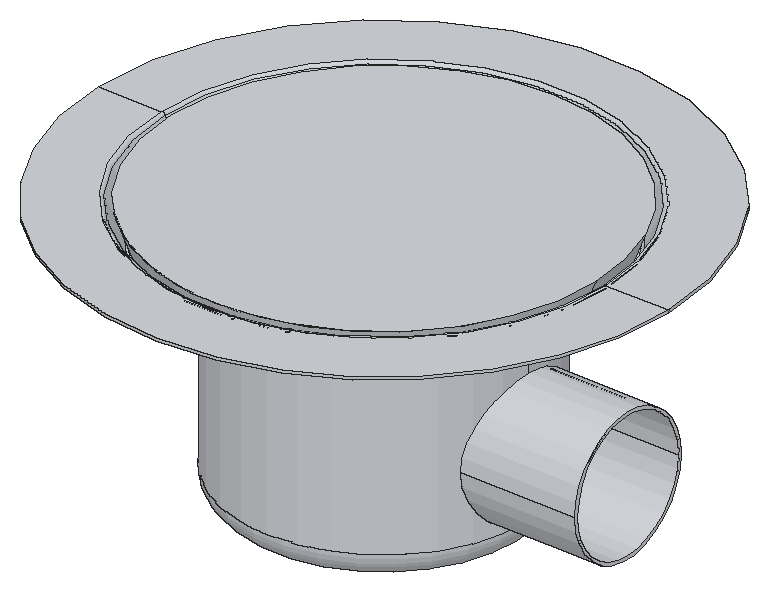
Revit family "S-598_Horizontal", category Aparatos sanitarios, Revit 2015
Parameters (values of type "S-598_Horizontal_ABS Blanco")
  WFU = 1
  URL = "http://www.jimten.com/es/producto/330/sumidero-para-suelo-vinilico-salida-horizontal"
  Sello hidráulico = "50 mm"  # constant formula
  Salida = "50M"  # constant formula
  Rejilla = ABS (Blanco)
  Referencia = "12450"  # constant formula
  Modelo = "S-598"  # constant formula
  Medida = "Ø160 mm"  # constant formula
  Material = ABS (Blanco)
  Fabricante = "Jimten"  # constant formula
  Diámetro = 50 mm  # constant formula
  Descripción = "SUMIDERO PARA SUELOS DE VINILO, SIFON EXTRAIBLE, CON FILTRO DE PELOS, SALIDA HORIZONTAL, CON CAPO, ANTIVANDÁLICO, PLASTICO"  # constant formula
  Comentarios de tipo = "CON PRENSATELAS PARA LÁMINAS IMPERMEABILIZANTES DE VINILO. CON TAPA DE PROTECCION DE OBRA"  # constant formula
  Clase carga = "K3"  # constant formula
  Caudal = 0.9 L/s  # constant formula
  Altura total mínima = "100 mm"  # constant formula
Reference planes
  plane 1 "Center (Front/Back)": y = 0
  plane 2: z = 0
  plane 3 "Center (Left/Right)": x = 0
Dimensions and locks
  aligned and locked: level to plane 2
Nested families
  nested 1: "S-598-OutletHorizontal" at (0, 0, 0), type "S-598-OutletHorizontal"
  nested 2: "S-598-Rejilla" at (0, 0, 0), type "S-598-Rejilla"
Connectors
  piping at (92.509, 0, -65), diameter 50, driven by "Diámetro", driven by "WFU", driven by "Caudal"
    settings: on nested 1, index 1, connector inside diameter 609.6 mm, connector length 0 mm, flow factor 0, pipe flow 0.9 L/s, pressure drop 0.0 Pa, fitting loss kfactor 0, connector angle 0.00°, fixture units 1, engagement length 0 mm, angle of deflection 0.00°, flow configuration 0, flow direction 2, fitting loss method 0, system type 16, joint type 0, gender type 0, connector reference index -1, connector utility 0, adjustable connector yes, is connector primary yes, connector description ""
Definition of nested family "S-598-OutletHorizontal"
  Parameters (values of type "S-599-OutletHorizontal")
    MaterialOutlet = none
  Reference planes
    plane 1 "Center (Front/Back)": y = 0
    plane 2: z = 0
    plane 3 "Center (Left/Right)": x = 0
    plane 4: z = -100
    plane 5: z = -113
    plane 6: x = -25
    plane 7: x = 25
    plane 8: z = -65
    plane 9: x = 92.509
  Forms (mm)
    Revolve 1, solid
      sketch origin (0, 0, 0) x (1, 0, 0) y (0, 0, 1)
        loop
          arc (55, -16.606) -> (55.293, -15.899) -> (56, -15.606) r 1
          line (56, -15.606) -> (76.629, -15.606)
          arc (76.629, -15.606) -> (77.434, -15.366) -> (77.976, -14.724) r 1.469
          line (77.976, -14.724) -> (83.69, -1.601)
          arc (83.69, -1.601) -> (84.059, -1.164) -> (84.607, -1) r 1
          line (84.607, -1) -> (108, -1) -> (108, 0) -> (84.31, 0)
          arc (84.31, 0) -> (83.489, -0.245) -> (82.936, -0.899) r 1.5
          line (82.936, -0.899) -> (77.198, -14.007)
          arc (77.198, -14.007) -> (76.829, -14.443) -> (76.282, -14.606) r 1
          line (76.282, -14.606) -> (56, -14.606)
          arc (56, -14.606) -> (54.586, -15.192) -> (54, -16.606) r 2
          line (54, -16.606) -> (54, -90)
          arc (54, -90) -> (51.364, -96.364) -> (45, -99) r 9
          line (45, -99) -> (0, -99) -> (0, -100) -> (45, -100)
          arc (45, -100) -> (52.071, -97.071) -> (55, -90) r 10
          line (55, -90) -> (55, -16.606)
        axis (0, 0) -> (0, -100)
      angle from 0 to 360
    Revolve 2, solid
      sketch origin (-6.158, -0.419, 0) x (1, 0, 0) y (0, 0, 1)
        loop
          line (75.98, -18) -> (75.98, -10.167) -> (73.872, -15.009)
          arc (73.872, -15.009) -> (73.503, -15.446) -> (72.955, -15.609) r 1
          line (72.955, -15.609) -> (61.5, -15.609)
          arc (61.5, -15.609) -> (60.793, -15.902) -> (60.5, -16.609) r 1
          line (60.5, -16.609) -> (60.5, -28) -> (65.98, -28)
          arc (65.98, -28) -> (73.051, -25.071) -> (75.98, -18) r 10
        axis (0, -10.167) -> (0, -28)
      angle from 0 to 7
    Revolve 3, solid
      sketch origin (0.419, -6.158, 0) x (0, 1, 0) y (0, 0, 1)
        loop
          line (75.98, -18) -> (75.98, -10.167) -> (73.872, -15.009)
          arc (73.872, -15.009) -> (73.503, -15.446) -> (72.955, -15.609) r 1
          line (72.955, -15.609) -> (61.5, -15.609)
          arc (61.5, -15.609) -> (60.793, -15.902) -> (60.5, -16.609) r 1
          line (60.5, -16.609) -> (60.5, -28) -> (65.98, -28)
          arc (65.98, -28) -> (73.051, -25.071) -> (75.98, -18) r 10
        axis (0, -10.167) -> (0, -28)
      angle from 0 to 7
    Revolve 4, solid
      sketch origin (6.158, 0.419, 0) x (-1, 0, 0) y (0, 0, 1)
        loop
          line (75.98, -18) -> (75.98, -10.167) -> (73.872, -15.009)
          arc (73.872, -15.009) -> (73.503, -15.446) -> (72.955, -15.609) r 1
          line (72.955, -15.609) -> (61.5, -15.609)
          arc (61.5, -15.609) -> (60.793, -15.902) -> (60.5, -16.609) r 1
          line (60.5, -16.609) -> (60.5, -28) -> (65.98, -28)
          arc (65.98, -28) -> (73.051, -25.071) -> (75.98, -18) r 10
        axis (0, -10.167) -> (0, -28)
      angle from 0 to 7
    Revolve 5, solid
      sketch origin (-0.419, 6.158, 0) x (0, -1, 0) y (0, 0, 1)
        loop
          line (75.98, -18) -> (75.98, -10.167) -> (73.872, -15.009)
          arc (73.872, -15.009) -> (73.503, -15.446) -> (72.955, -15.609) r 1
          line (72.955, -15.609) -> (61.5, -15.609)
          arc (61.5, -15.609) -> (60.793, -15.902) -> (60.5, -16.609) r 1
          line (60.5, -16.609) -> (60.5, -28) -> (65.98, -28)
          arc (65.98, -28) -> (73.051, -25.071) -> (75.98, -18) r 10
        axis (0, -10.167) -> (0, -28)
      angle from 0 to 7
    Extrusion 6, solid
      sketch origin (0, 0, 0) x (0, 1, 0) y (0, 0, 1)
        loop
          circle (0, -65) r 25
        loop
          circle (0, -65) r 24
      from 45.851 to 92.509
  Cuts and joins
    joined: Revolve 1, Extrusion 6
  Dimensions and locks
    level to plane 4 = 100 mm
    plane 7 to plane 6 = 50 mm
    plane 8 to plane 4 = 35 mm  (x2)
    diameter of Extrusion 6 sketch curve = 50 mm
    aligned and locked: level to plane 2
    aligned and locked: plane 8 to Extrusion 6 sketch curve  (x2)
    aligned and locked: plane 9 to Extrusion 6
Definition of nested family "S-598-Rejilla"
  Parameters (values of type "S-598-Rejilla")
    Materia_Rejilla = none
  Reference planes
    plane 1 "Center (Front/Back)": y = 0
    plane 2: z = 0
    plane 3 "Center (Left/Right)": x = 0
    plane 4: z = -15
    plane 5 "DetalleRejilla": z = 1
  Forms (mm)
    Blend 1, solid
      base sketch origin (-125.198, -1524, -15) x (-1, 0, 0) y (0, -1, 0)
        loop
          circle (-125.198, -1524) r 75
      top sketch origin (-125.198, -1524, -15) x (-1, 0, 0) y (0, -1, 0)
        loop
          circle (-125.198, -1524) r 80.5
      from 0 to 15
  Lines and regions (mm)
    model lines, detail levels medium+fine
      curve 1: arc (-73.5, -14.925, 1) -> (0.019, -75, 1) -> (73.508, -14.888, 1) r 75
      curve 2: arc (73.508, 14.888, 1) -> (0.019, 75, 1) -> (-73.5, 14.925, 1) r 75
      curve 3: arc (73.508, 14.888, 1) -> (64.052, 0, 1) -> (73.508, -14.888, 1) r 16.448
      curve 4: arc (-73.5, -14.925, 1) -> (-64.015, 0, 1) -> (-73.5, 14.925, 1) r 16.485
      curve 5: circle (0, 0, 1) r 80.5 normal (0, 0, 1)
  Dimensions and locks
    plane 4 to plane 2 = 15 mm
    plane 5 "DetalleRejilla" to plane 2 = 1 mm
    aligned and locked: level to plane 2
    aligned and locked: level to Blend 1
